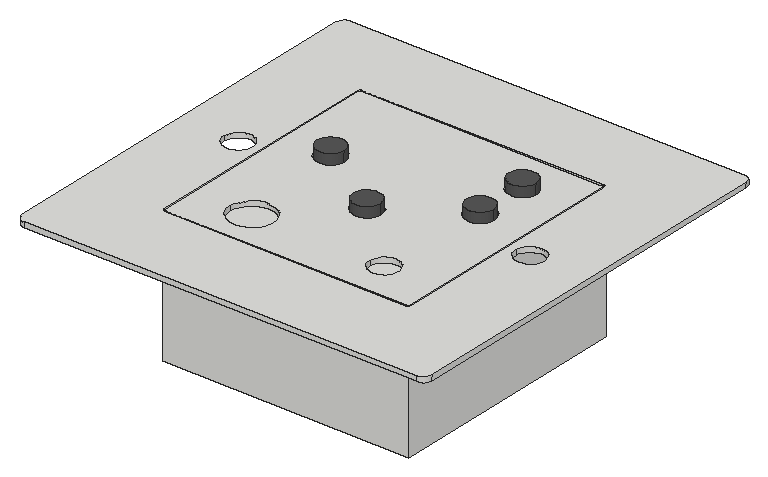
Revit family "1Electronics_Commercial-Audio_Biamp_Volume-Control-Panel_ACPL", category Communication Devices, host Face, Revit 2020
Family settings
  Host = Face
  Maintain Annotation Orientation = No
  Round Connector Dimension = Use Diameter
  Part Type = Normal
  OmniClass Number = 23.85.10.11.14
  OmniClass Title = Audio Equipment
  Cut with Voids When Loaded = No
  Shared = No
  Room Calculation Point = No
Parameters (values of type "ACPL")
  Product data url = "https://www.bimobject.com/biamp/product/acpl_commercial-audio-control-interface"
  Power type = "Phantom"  # constant formula
  Supported main unit = "SDQ5PIR"  # constant formula
  Width = 0' - 3.34646"  # constant formula
  Weight = 0.20 lbf  # constant formula
  Voltage = 0 V
  URL = "https://www.biamp.com/"
  Product Page URL = "https://www.biamp.com/products/product-families/commercial-audio/control-interfaces#acpl"
  Product Documentation Link = "https://downloads.biamp.com/assets/docs/default-source/data-sheets/biamp_data_sheet_acpl_aug20.pdf"
  Power Factor = 1
  Number of Poles = 1
  Model = "ACPL"  # constant formula
  Max. cable length in m = "100"  # constant formula
  Max Power Consumption = 0 W
  Manufacturer = "Biamp"  # constant formula
  Inputs = "Bal. Mic & Unbal. Line"  # constant formula
  Input sensitivity stereo line = "500mV "  # constant formula
  Input sensitivity microphone = "7mV"  # constant formula
  Housing Material = Biamp - Metal - Silver
  Height = 0' - 3.34646"  # constant formula
  Description = "ACPL Volume Control Panel with Local Input for SDQ5PIR"  # constant formula
  Depth = 0' - 1.10236"  # constant formula
  Default Elevation = 4' - 0"
  Connector Description = "RJ-45; Power"  # constant formula
  Apparent Load = Max Power Consumption / Power Factor  # 0 VA
  Addressing = "Hardwired"  # constant formula
Reference planes (in)
  plane 1 "Center (Front/Back)": y = 0
  plane 2: z = 0
  plane 3 "Center (Left/Right)": x = 0
Forms (in)
  Extrusion 1, solid, material "Biamp - Metal - Silver" <- "Housing Material", detail levels fine
    sketch origin (0, 0, 0) x (1, 0, 0) y (0, 1, 0)
      loop
        circle (-1.19109, 0) r 0.11811
      loop
        circle (1.19109, 0) r 0.11811
      loop
        line (1.60333, 1.67323) -> (-1.60184, 1.67323)
        arc (-1.60184, 1.67323) -> (-1.65232, 1.65232) -> (-1.67323, 1.60184) r 0.07139
        line (-1.67323, 1.60184) -> (-1.67323, -1.60033)
        arc (-1.67323, -1.60033) -> (-1.65188, -1.65188) -> (-1.60033, -1.67323) r 0.0729
        line (-1.60033, -1.67323) -> (1.60334, -1.67323)
        arc (1.60334, -1.67323) -> (1.65276, -1.65276) -> (1.67323, -1.60334) r 0.06989
        line (1.67323, -1.60334) -> (1.67323, 1.60333)
        arc (1.67323, 1.60333) -> (1.65276, 1.65276) -> (1.60333, 1.67323) r 0.0699
    from 0 to 0.03937
  Extrusion 2, solid, material "Biamp - Metal - Silver" <- "Housing Material", detail levels fine
    sketch origin (0, 0, 0) x (1, 0, 0) y (0, 1, 0)
      loop
        line (-1.00394, 1.00394) -> (-1.00394, -1.00394) -> (1.00394, -1.00394) -> (1.00394, 1.00394) -> (-1.00394, 1.00394)
    from 0 to -1.06299
  Extrusion 3, void
    sketch origin (0, 0, 0) x (1, 0, 0) y (0, 1, 0)
      loop
        line (-1.00394, -1.00394) -> (1.00394, -1.00394) -> (1.00394, 1.00394) -> (-1.00394, 1.00394) -> (-1.00394, -1.00394)
    from 0 to -1.06299
  Extrusion 4, void
    sketch origin (0, 0, 0) x (1, 0, 0) y (0, 1, 0)
      loop
        circle (-0.61024, 0.21654) r 0.11811
      loop
        circle (0.61024, 0.21654) r 0.11811
      loop
        circle (0.61024, 0.64961) r 0.11811
      loop
        circle (0, -0.17717) r 0.11811
    from 0.03937 to 0
  Extrusion 5, solid, material "Biamp - Plastic - Black", detail levels fine
    sketch origin (0, 0, 0) x (1, 0, 0) y (0, 1, 0)
      loop
        circle (-0.61024, 0.21654) r 0.11024
      loop
        circle (0.61024, 0.64961) r 0.11024
      loop
        circle (0.61024, 0.21654) r 0.11024
      loop
        circle (0, -0.17717) r 0.11024
    from 0 to 0.11811
  Extrusion 6, void
    sketch origin (0, 0, 0) x (1, 0, 0) y (0, 1, 0)
      loop
        circle (-0.5315, -0.68898) r 0.17717
      loop
        circle (0.55118, -0.68898) r 0.11811
    from 0 to 0.03937
  Extrusion 7, void
    sketch origin (0, 0, 0) x (1, 0, 0) y (0, 1, 0)
      loop
        line (0.27559, 0.6395) -> (-0.27559, 0.6395) -> (-0.27559, 0.2458) -> (0.27559, 0.2458) -> (0.27559, 0.6395)
    from -1.06299 to -1.02362
  Extrusion 8, solid, material "Biamp - Metal - Silver" <- "Housing Material", detail levels medium
    sketch origin (0, 0, 0) x (1, 0, 0) y (0, 1, 0)
      loop
        line (-1.67323, 1.67323) -> (-1.67323, -1.67323) -> (1.67323, -1.67323) -> (1.67323, 1.67323) -> (-1.67323, 1.67323)
      loop
        circle (-0.61024, 0.21654) r 0.11811
      loop
        circle (0, -0.17717) r 0.11811
      loop
        circle (0.61024, 0.21654) r 0.11811
      loop
        circle (0.61024, 0.64961) r 0.11811
      loop
        circle (-1.19109, 0) r 0.11811
      loop
        circle (1.19109, 0) r 0.11811
    from 0 to 0.03937
  Extrusion 9, solid, material "Biamp - Metal - Silver" <- "Housing Material", detail levels medium
    sketch origin (0, 0, 0) x (1, 0, 0) y (0, 1, 0)
      loop
        line (-1.00394, 1.00394) -> (-1.00394, -1.00394) -> (1.00394, -1.00394) -> (1.00394, 1.00394) -> (-1.00394, 1.00394)
    from -1.06299 to 0
  Extrusion 10, solid, material "Biamp - Metal - Silver" <- "Housing Material", detail levels coarse
    sketch origin (0, 0, 0) x (1, 0, 0) y (0, 1, 0)
      loop
        line (-1.67323, 1.67323) -> (-1.67323, -1.67323) -> (1.67323, -1.67323) -> (1.67323, 1.67323) -> (-1.67323, 1.67323)
    from 0.03937 to 0
  Extrusion 11, solid, material "Biamp - Metal - Silver" <- "Housing Material", detail levels coarse
    sketch origin (0, 0, 0) x (1, 0, 0) y (0, 1, 0)
      loop
        line (-1.00394, 1.00394) -> (-1.00394, -1.00394) -> (1.00394, -1.00394) -> (1.00394, 1.00394) -> (-1.00394, 1.00394)
    from 0 to -1.06299
  Extrusion 12, solid, material "Biamp - Plastic - Black", detail levels medium
    sketch origin (0, 0, 0) x (1, 0, 0) y (0, 1, 0)
      loop
        circle (-0.61024, 0.21654) r 0.11024
      loop
        circle (0.61024, 0.64961) r 0.11024
      loop
        circle (0.61024, 0.21654) r 0.11024
      loop
        circle (0, -0.17717) r 0.11024
    from 0 to 0.11811
  Extrusion 13, void
    sketch origin (0, 0, 0) x (1, 0, 0) y (0, 1, 0)
      loop
        arc (-1.00894, -0.98524) -> (-1.002, -1.002) -> (-0.98524, -1.00894) r 0.0237
        line (-0.98524, -1.00894) -> (0.98886, -1.00894)
        arc (0.98886, -1.00894) -> (1.00306, -1.00306) -> (1.00894, -0.98886) r 0.02008
        line (1.00894, -0.98886) -> (1.00894, 0.98492)
        arc (1.00894, 0.98492) -> (1.0019, 1.0019) -> (0.98492, 1.00894) r 0.02402
        line (0.98492, 1.00894) -> (-0.98665, 1.00894)
        arc (-0.98665, 1.00894) -> (-1.00241, 1.00241) -> (-1.00894, 0.98665) r 0.02229
        line (-1.00894, 0.98665) -> (-1.00894, -0.98524)
      loop
        line (-0.99894, 0.97615) -> (-0.99894, -0.97894)
        arc (-0.99894, -0.97894) -> (-0.99308, -0.99308) -> (-0.97894, -0.99894) r 0.02
        line (-0.97894, -0.99894) -> (0.9741, -0.99894)
        arc (0.9741, -0.99894) -> (0.99166, -0.99166) -> (0.99894, -0.9741) r 0.02484
        line (0.99894, -0.9741) -> (0.99894, 0.97446)
        arc (0.99894, 0.97446) -> (0.99177, 0.99177) -> (0.97446, 0.99894) r 0.02448
        line (0.97446, 0.99894) -> (-0.97615, 0.99894)
        arc (-0.97615, 0.99894) -> (-0.99226, 0.99226) -> (-0.99894, 0.97615) r 0.02279
    from 0.01762 to 0.39123
Cuts and joins
  Extrusion 4, Extrusion 6, Extrusion 7, Extrusion 13 cuts Extrusion 1
  Extrusion 6 cuts Extrusion 8
  Extrusion 4, Extrusion 6, Extrusion 7 cuts Extrusion 2
Lines and regions (in)
  Masking region 1
    outline origin (0, 0, 0) x (1, 0, 0) y (0, 1, 0)
      loop
        line (-1.67323, 1.67323) -> (-1.67323, -1.67323) -> (1.67323, -1.67323) -> (1.67323, 1.67323) -> (-1.67323, 1.67323)
  Masking region 2
    outline origin (0, 0, 0) x (1, 0, 0) y (0, 1, 0)
      loop
        circle (-0.61024, 0.21654) r 0.11811
      loop
        circle (0.61024, 0.64961) r 0.11811
      loop
        circle (0.61024, 0.21654) r 0.11811
      loop
        circle (0, -0.17717) r 0.11811
      loop
        circle (-0.5315, -0.68898) r 0.17717
      loop
        circle (0.55118, -0.68898) r 0.11811
  Masking region 3
    outline origin (0, 0, 0) x (1, 0, 0) y (0, 0, 1)
      loop
        line (-1.67323, 0.03937) -> (-1.67323, 0) -> (1.67323, 0) -> (1.67323, 0.03937) -> (-1.67323, 0.03937)
  Masking region 4
    outline origin (0, 0, 0) x (1, 0, 0) y (0, 0, 1)
      loop
        line (-1.00394, 0) -> (-1.00394, -1.06299) -> (1.00394, -1.06299) -> (1.00394, 0) -> (-1.00394, 0)
  Masking region 5
    outline origin (0, 0, 0) x (1, 0, 0) y (0, 0, 1)
      loop
        line (-0.72047, 0.11811) -> (-0.72047, 0.03937) -> (-0.49213, 0.03937) -> (-0.49213, 0.11811) -> (-0.72047, 0.11811)
      loop
        line (-0.11024, 0.11811) -> (-0.11024, 0.03937) -> (0.11811, 0.03937) -> (0.11811, 0.11811) -> (-0.11024, 0.11811)
      loop
        line (0.5, 0.11811) -> (0.5, 0.03937) -> (0.72835, 0.03937) -> (0.72835, 0.11811) -> (0.5, 0.11811)
Dimensions and locks (in)
  aligned and locked: plane 2 to host face
  aligned and locked: level to host face
Connectors (in)
  electrical at (0, 0.44265, -1.02362), driven by "Number of Poles", driven by "Voltage", driven by "Apparent Load", driven by "Power Factor", driven by "Connector Description"
    settings: on cut or joined group of Extrusion 1, Extrusion 4, Extrusion 6, Extrusion 7, Extrusion 13, index 1, voltage 0 V, apparent load 0 VA, apparent load phase1 0 VA, apparent load phase2 0 VA, apparent load phase3 0 VA, power factor 1, load classification "Other", number of poles 1, system type 31, power factor state 1, is connector primary yes, connector utility no, sub classification motor no, connector description "RJ-45; Power"
  electrical at (0.55118, -0.68898, 0)
    settings: on cut or joined group of Extrusion 1, Extrusion 4, Extrusion 6, Extrusion 7, Extrusion 13, index 2, voltage 0 V, apparent load 0 VA, apparent load phase1 0 VA, apparent load phase2 0 VA, apparent load phase3 0 VA, power factor 1, load classification "Other", number of poles 1, system type 5, power factor state 1, is connector primary no, connector utility no, sub classification motor no, connector description "Mini-jack ; Stereo Line"
  electrical at (-0.5315, -0.68898, 0)
    settings: on cut or joined group of Extrusion 1, Extrusion 4, Extrusion 6, Extrusion 7, Extrusion 13, index 3, voltage 0 V, apparent load 0 VA, apparent load phase1 0 VA, apparent load phase2 0 VA, apparent load phase3 0 VA, power factor 1, load classification "Other", number of poles 1, system type 5, power factor state 1, is connector primary no, connector utility no, sub classification motor no, connector description "Jack; Microphone"
